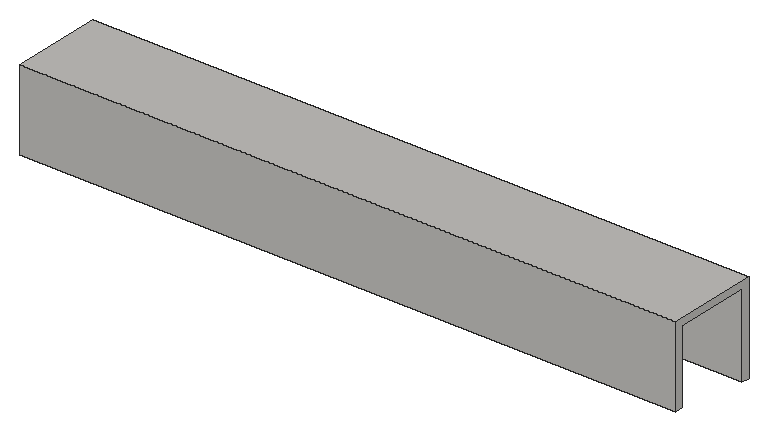
Revit family "Curb_Overlay_NobleCompany", category Specialty Equipment, host Face, Revit 2016
Family settings
  Host = Face
  Part Type = Normal
  Round Connector Dimension = Use Diameter
  OmniClass Number = 23.45.55.21
  OmniClass Title = Drains (Wastes)
  Cut with Voids When Loaded = No
  Shared = No
  Room Calculation Point = No
Parameters (values of type "1 Sided")
  Width [instance] = 32 1/2"
  URL = "www.noblecompany.com"
  Type Comments = ""
  Tile [instance] = Stainless Steel - Brushed
  Radius = 15 1/2"
  Product Properties = "http://www.noblecompany.com/Portals/0/PRODUCT%20INFO/Product%20Descriptions/FreeStyle%20Linear%20Drain%20Product%20Decription%200410.pdf"
  Product Data = "http://www.noblecompany.com/Products/ShowerProducts/tabid/59/Default.aspx"
  Model = "Preformed Overlay Curb"
  Manufacturer Phone - Toll Free = "800-878-5788"
  Manufacturer Phone = "231-799-8000"
  Manufacturer Fax = "231-799-8850"
  Manufacturer Email = "mailto:sales@noblecompany.com"
  Manufacturer Address = "7300 Enterprise Drive, Spring Lake, MI  49456 USA"
  Manufacturer = "Noble Company"
  Floor Offset_Outside [instance] = 1"
  Floor Offset_Inside [instance] = 1/2"
  Det2 = no
  Depth [instance] = 32 1/2"
  Installation-Fabrication = "http://www.noblecompany.com/Portals/0/PRODUCT%20INFO/Product%20Descriptions/FreeStyle%20Linear%20Drain%20Product%20Decription%200410.pdf"
  Height = 20"
  Description = "Noble Preformed Overlay Curb"
  Building Codes = "http://www.noblecompany.com/Portals/0/TECHNICAL%20INFO/Listing_Testing_Certification_Reports/PMG-1065%20Noble%20Company%20Linear%20Drain%20final%202.pdf"
  Base = Polymer coated Expanded Polystyrene
  Assembly Code = "D2030300"
  Default Elevation = 0"
  3 Sides = no
  2 Sides = no
  1 Side = yes
Types (3): name | Type Comments | Floor Offset_Outside | Floor Offset_Inside | Det2 | 3 Sides | 2 Sides | 1 Side
  1 Sided | "" | 1" | 1/2" | no | no | no | yes
  2 Sided | "" | 1/4" | 1/4" | yes | no | yes | no
  3 Sided | "Modify Sweep for Neo Angles and Custom Applications" | 1/2" | 1/4" | yes | yes | no | no
Reference planes (in)
  plane 1 "Center (Front/Back)": y = 0
  plane 2: z = 0
  plane 3 "Center (Left/Right)": x = 0
  plane 4: x = 32.5
  plane 5: y = 32.5
  plane 6: z = 20
Forms (in)
  Sweep 1, solid, material "Polymer coated Expanded Polystyrene" <- "Base", visible <- "1 Side"
    path origin (0, 0, 0) x (1, 0, 0) y (0, 1, 0)
      loop
        line (0, 0) -> (32.5, 0)
    profile "Profle_Curb_Overlay : Profle_Curb_Overlay" origin (16.25, 0, 0) x (0, 1, 0) y (0, 0, 1)
      loop
        line (0, 0.5) -> (0, 5) -> (-4.5, 5) -> (-4.5, 1) -> (-4.125, 1) -> (-4.125, 4.625) -> (-0.375, 4.625) -> (-0.375, 0.5) -> (0, 0.5)
  Sweep 2, solid, material "Polymer coated Expanded Polystyrene" <- "Base", visible <- "2 Sides"
    path origin (0, 0, 0) x (1, 0, 0) y (0, 1, 0)
      loop
        line (0, 0) -> (32.5, 0) -> (32.5, 32.5)
    profile "Profle_Curb_Overlay : Profle_Curb_Overlay" origin (16.25, 0, 0) x (0, 1, 0) y (0, 0, 1)
      loop
        line (0, 0.5) -> (0, 5) -> (-4.5, 5) -> (-4.5, 1) -> (-4.125, 1) -> (-4.125, 4.625) -> (-0.375, 4.625) -> (-0.375, 0.5) -> (0, 0.5)
  Sweep 3, solid, material "Polymer coated Expanded Polystyrene" <- "Base", visible <- "3 Sides"
    path origin (0, 0, 0) x (1, 0, 0) y (0, 1, 0)
      loop
        line (0, 0) -> (32.5, 0) -> (32.5, 32.5) -> (0, 32.5)
    profile "Profle_Curb_Overlay : Profle_Curb_Overlay" origin (16.25, 0, 0) x (0, 1, 0) y (0, 0, 1)
      loop
        line (0, 0.5) -> (0, 5) -> (-4.5, 5) -> (-4.5, 1) -> (-4.125, 1) -> (-4.125, 4.625) -> (-0.375, 4.625) -> (-0.375, 0.5) -> (0, 0.5)
Dimensions and locks (in)
  "Height": plane 6 to level
  "Width": plane 3 "Center (Left/Right)" to plane 4
  "Depth": plane 5 to plane 1 "Center (Front/Back)"
  aligned and locked: plane 2 to host face
  aligned and locked: level to host face
  aligned and locked: plane 1 "Center (Front/Back)" to Sweep 1 sketch curve
  aligned and locked: plane 3 "Center (Left/Right)" to Sweep 1 sketch curve
  aligned and locked: plane 4 to Sweep 1 sketch curve
  aligned and locked: plane 3 "Center (Left/Right)" to Sweep 2 sketch curve
  aligned and locked: plane 5 to Sweep 2 sketch curve
  aligned and locked: plane 4 to Sweep 2 sketch curve
  aligned and locked: plane 1 "Center (Front/Back)" to Sweep 2 sketch curve
  aligned and locked: plane 3 "Center (Left/Right)" to Sweep 3 sketch curve  (x2)
  aligned and locked: plane 1 "Center (Front/Back)" to Sweep 3 sketch curve
  aligned and locked: plane 4 to Sweep 3 sketch curve
  aligned and locked: plane 5 to Sweep 3 sketch curve
  aligned and locked: nested 1 to level
  aligned and locked: plane 4 to nested 1
  aligned and locked: plane 5 to nested 2
  aligned and locked: nested 2 to level
  aligned and locked: nested 3 to plane 1 "Center (Front/Back)"
  aligned and locked: level to nested 3
Automatic sketch dimensions
  host sketch curve to host sketch curve = 56 1/2"
  host sketch curve to host sketch curve = 49.54642"
Nested families (in)
  nested 1: "Detail_Curb_Overlay" at (32.5, 0, 0) x (1, 0, 0) z (0, -1, 0), visible <- "Det2", type "Detail_Curb_Overlay"
  nested 2: "Detail_Curb_Overlay" at (0, 32.5, 0) x (0, 1, 0) z (1, 0, 0), visible <- "3 Sides", type "Detail_Curb_Overlay"
  nested 3: "Detail_Curb_Overlay" at (0, 0, 0) x (0, -1, 0) z (1, 0, 0), type "Detail_Curb_Overlay"
Definition of nested family "Detail_Curb_Overlay"
  Parameters
    Floor Offset_Shower Side = 1/4"
    Floor Offset_Outside = 1/4"
  Reference planes (in)
    plane 1 "Center (Front/Back)": y = 0
    plane 2: z = 0
    plane 3 "Center (Left/Right)": x = 0
    plane 4: y = 0.25
    plane 5: y = 0.25
    plane 6: y = 5
    plane 7: y = 4.5
    plane 8: y = 4.625
  Lines and regions (in)
    Filled region 1, type "Concrete", in view "Ref. Level"
      outline origin (0.125, 0.375, 0) x (1, 0, 0) y (0, 1, 0)
        loop
          line (-0.125, 4.625) -> (-0.125, -0.125) -> (0.25, -0.125) -> (0.25, 4.25) -> (3.99992, 4.25) -> (3.99992, -0.125) -> (4.37492, -0.125) -> (4.37492, 4.625) -> (-0.125, 4.625)
    Filled region 2, type "Solid", in view "Ref. Level"
      outline origin (0, 0, 0) x (1, 0, 0) y (0, 1, 0)
        loop
          line (0.5, 0) -> (0.5, 4.5) -> (4, 4.5) -> (4, 0) -> (6, 0) -> (6, 0.0625) -> (4.0625, 0.0625) -> (4.0625, 4.5625) -> (0.4375, 4.5625) -> (0.4375, 0.0625) -> (-1.49439, 0.0625) -> (-1.49439, 0) -> (0.5, 0)
    detail lines, in view "Ref. Level"
      curve 1: line (0, 0.25, 0) -> (0, 5, 0)
      curve 2: line (0, 5, 0) -> (4.49992, 5, 0)
      curve 3: line (4.49992, 5, 0) -> (4.49992, 0.25, 0)
      curve 4: line (4.49992, 0.25, 0) -> (4.12492, 0.25, 0)
      curve 5: line (4.12492, 0.25, 0) -> (4.12492, 4.5, 0)
      curve 6: line (4.12492, 4.625, 0) -> (0.5, 4.625, 0)
      curve 7: line (0.375, 4.5, 0) -> (0.375, 0.25, 0)
      curve 8: line (0.375, 0.25, 0) -> (0, 0.25, 0)
      curve 9: line (0.5, 3, 0) -> (4, 3, 0)
      curve 10: line (0.5, 1.5, 0) -> (4, 1.5, 0)
      curve 11: line (0.5, 0, 0) -> (4, 0, 0)
      curve 12: line (0.5, 4.5, 0) -> (4, 3, 0)
      curve 13: line (4, 3, 0) -> (0.5, 1.5, 0)
      curve 14: line (0.5, 1.5, 0) -> (4, 0, 0)
      curve 15: line (4, 1.5, 0) -> (0.5, 0, 0)
      curve 16: line (4, 1.5, 0) -> (0.5, 3, 0)
      curve 17: line (0.5, 3, 0) -> (4, 4.5, 0)
      curve 18: line (0.5, 0, 0) -> (0.5, 4.5, 0)
      curve 19: line (4, 0, 0) -> (4, 4.5, 0)
      curve 20: line (0.5, 4.5, 0) -> (4, 4.5, 0)
      curve 21: arc (0.5, 4.375, 0) -> (0.375, 4.25, 0) -> (0.5, 4.125, 0) r 0.125
      curve 22: arc (0.5, 3.875, 0) -> (0.375, 3.75, 0) -> (0.5, 3.625, 0) r 0.125
      curve 23: arc (0.5, 3.375, 0) -> (0.375, 3.25, 0) -> (0.5, 3.125, 0) r 0.125
      curve 24: arc (0.5, 2.875, 0) -> (0.375, 2.75, 0) -> (0.5, 2.625, 0) r 0.125
      curve 25: arc (0.5, 2.375, 0) -> (0.375, 2.25, 0) -> (0.5, 2.125, 0) r 0.125
      curve 26: arc (0.5, 1.875, 0) -> (0.375, 1.75, 0) -> (0.5, 1.625, 0) r 0.125
      curve 27: arc (0.5, 1.375, 0) -> (0.375, 1.25, 0) -> (0.5, 1.125, 0) r 0.125
      curve 28: arc (0.5, 0.25349, 0) -> (0.375, 0.12849, 0) -> (0.5, 0.00349, 0) r 0.125
      curve 29: arc (0.5, 0.03781, 0) -> (0.375, -0.08719, 0) -> (0.5, -0.21219, 0) r 0.125
      curve 30: arc (4, 4.375, 0) -> (4.125, 4.25, 0) -> (4, 4.125, 0) r 0.125
      curve 31: arc (4, 3.875, 0) -> (4.125, 3.75, 0) -> (4, 3.625, 0) r 0.125
      curve 32: arc (4, 3.375, 0) -> (4.125, 3.25, 0) -> (4, 3.125, 0) r 0.125
      curve 33: arc (4, 2.875, 0) -> (4.125, 2.75, 0) -> (4, 2.625, 0) r 0.125
      curve 34: arc (4, 2.375, 0) -> (4.125, 2.25, 0) -> (4, 2.125, 0) r 0.125
      curve 35: arc (4, 1.875, 0) -> (4.125, 1.75, 0) -> (4, 1.625, 0) r 0.125
      curve 36: arc (4, 0.75349, 0) -> (4.125, 0.62849, 0) -> (4, 0.50349, 0) r 0.125
      curve 37: arc (4, 0.25349, 0) -> (4.125, 0.12849, 0) -> (4, 0.00349, 0) r 0.125
      curve 38: arc (4, 0.375, 0) -> (4.125, 0.25, 0) -> (4, 0.125, 0) r 0.125
      curve 39: arc (0.875, 4.5, 0) -> (0.75, 4.625, 0) -> (0.625, 4.5, 0) r 0.125
      curve 40: arc (1.375, 4.5, 0) -> (1.25, 4.625, 0) -> (1.125, 4.5, 0) r 0.125
      curve 41: arc (1.875, 4.5, 0) -> (1.75, 4.625, 0) -> (1.625, 4.5, 0) r 0.125
      curve 42: arc (2.375, 4.5, 0) -> (2.25, 4.625, 0) -> (2.125, 4.5, 0) r 0.125
      curve 43: arc (2.875, 4.5, 0) -> (2.75, 4.625, 0) -> (2.625, 4.5, 0) r 0.125
      curve 44: arc (3.375, 4.5, 0) -> (3.25, 4.625, 0) -> (3.125, 4.5, 0) r 0.125
      curve 45: arc (3.875, 4.5, 0) -> (3.75, 4.625, 0) -> (3.625, 4.5, 0) r 0.125
  Dimensions and locks (in)
    "Floor Offset_Shower Side": plane 1 "Center (Front/Back)" to plane 4
    "Floor Offset_Outside": plane 1 "Center (Front/Back)" to plane 5
    locked: plane 6 to plane 8 at 0.375
    locked: plane 1 "Center (Front/Back)" to plane 6 at 5
    locked: plane 8 to plane 7 at 0.125
    equal spacing: plane 7, curve 9, curve 10, plane 1 "Center (Front/Back)"
    aligned and locked: Filled region 1 sketch curve to curve 2
    aligned and locked: Filled region 1 sketch curve to curve 3
    aligned and locked: Filled region 1 sketch curve to curve 4
    aligned and locked: Filled region 1 sketch curve to curve 5
    aligned and locked: Filled region 1 sketch curve to curve 6
    aligned and locked: Filled region 1 sketch curve to curve 7
    aligned and locked: curve 8 to Filled region 1 sketch curve
    aligned and locked: Filled region 1 sketch curve to curve 1
    aligned and locked: plane 4 to curve 4
    aligned and locked: plane 5 to curve 8
    aligned and locked: curve 2 to plane 6
    aligned and locked: plane 8 to curve 6
    aligned and locked: curve 20 to plane 7
    aligned and locked: Filled region 2 to plane 7
  Automatic sketch dimensions
    plane 1 "Center (Front/Back)" to Filled region 2 sketch curve = 0"  (x2)
    Filled region 2 sketch curve to plane 1 "Center (Front/Back)" = 1/16"  (x2)
    Filled region 2 sketch curve to plane 3 "Center (Left/Right)" = 1.49439"
    plane 3 "Center (Left/Right)" to Filled region 2 sketch curve = 7/16"
    Filled region 2 sketch curve to Filled region 2 sketch curve = 1/16"  (x3)
    Filled region 2 sketch curve to Filled region 2 sketch curve = 3 1/2"
    Filled region 2 sketch curve to Filled region 2 sketch curve = 1 15/16"
    plane 4 to Filled region 2 sketch curve = 4 1/4"
    curve 1 to plane 3 "Center (Left/Right)" = 0"
    curve 7 to plane 7 = 0"
    plane 1 "Center (Front/Back)" to curve 11 = 0"
    plane 5 to curve 38 = 0"
    curve 5 to plane 7 = 0"
    plane 3 "Center (Left/Right)" to curve 8 = 3/8"
    plane 1 "Center (Front/Back)" to curve 29 = 0.08719"
    curve 7 to curve 29 = 1/8"
    curve 12 to curve 39 = 1/4"
    curve 39 to curve 40 = 1/2"
    curve 40 to curve 41 = 1/2"
    curve 41 to curve 42 = 1/2"
    curve 42 to curve 43 = 1/2"
    curve 43 to curve 44 = 1/2"
    curve 44 to curve 45 = 1/2"
    curve 45 to curve 31 = 1/4"
    curve 37 to curve 5 = 0.12492"
    curve 4 to curve 3 = 3/8"
    curve 28 to plane 4 = 0.12151"
    curve 37 to plane 4 = 0.12151"
    plane 4 to curve 36 = 0.37849"
    curve 27 to curve 13 = 1/4"
    curve 10 to curve 26 = 1/4"
    curve 10 to curve 35 = 1/4"
    curve 26 to curve 25 = 1/2"
    curve 25 to curve 24 = 1/2"
    curve 33 to curve 12 = 1/4"
    curve 9 to curve 23 = 1/4"
    curve 9 to curve 32 = 1/4"
    curve 23 to curve 22 = 1/2"
    curve 32 to curve 31 = 1/2"
    curve 30 to curve 17 = 1/4"
    curve 21 to curve 12 = 1/4"
    curve 6 to curve 12 = 0"
    curve 39 to curve 39 = 1/8"
    curve 40 to curve 40 = 1/8"
    curve 41 to curve 41 = 1/8"
    curve 42 to curve 42 = 1/8"
    curve 43 to curve 43 = 1/8"
    curve 44 to curve 44 = 1/8"
    curve 45 to curve 45 = 1/8"
    curve 6 to curve 5 = 0"
    curve 29 to curve 29 = 1/8"
    curve 38 to curve 38 = 1/8"
    curve 28 to curve 28 = 1/8"
    curve 37 to curve 37 = 1/8"
    curve 27 to curve 27 = 1/8"
    curve 36 to curve 36 = 1/8"
    curve 35 to curve 35 = 1/8"
    curve 26 to curve 26 = 1/8"
    curve 25 to curve 25 = 1/8"
    curve 34 to curve 34 = 1/8"
    curve 24 to curve 24 = 1/8"
    curve 33 to curve 33 = 1/8"
    curve 32 to curve 32 = 1/8"
    curve 23 to curve 23 = 1/8"
    curve 22 to curve 22 = 1/8"
    curve 31 to curve 31 = 1/8"
    curve 21 to curve 21 = 1/8"
    curve 30 to curve 30 = 1/8"
    curve 34 to curve 33 = 3/8"
